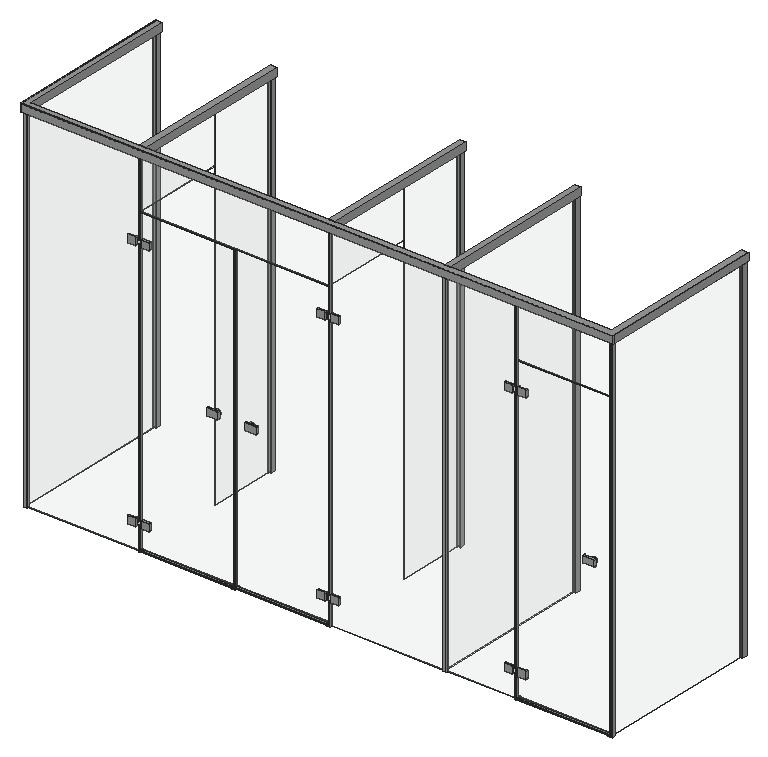
Revit family "Sanitary_Bath-screens_Modular system_Duscholux_SYSTEM210_S21-D2", category Aparatos sanitarios, Revit 2019
Family settings
  Cota de conector redondo = Diámetro de uso
  Tipo de pieza = Normal
  Número OmniClass = 23.45.00.00
  Título OmniClass = Sanitary, Laundry, and Cleaning Equipment
  Se basa en plano de trabajo = No
  Siempre vertical = Sí
  Corte con vacíos al cargar = No
  Compartido = No
  Punto de cálculo de habitación = No
Parameters (values of type "Black Aluminium Finish")
  Uper profile guide = Anodized Aluminium_Duscholux Material-Black Finish
  Superior Glass Height = if(Max Doors Height < 2100 mm, 1 mm, (Max Height - 2134 mm))  # 366 mm
  Single Door aperture = 650 mm
  Openning single door angle = 0.00°
  Min Max Single Door aperture = if(Single Door aperture < 400 mm, 400 mm, if(Single Door aperture > 1000 mm, 1000 mm, Single Door aperture))  # 650 mm
  Min Max Openning single door angle = if(Openning single door angle < -89.00°, -89.00°, if(Openning single door angle > 89.00°, 89.00°, Openning single door angle))  # 0.00°
  Min Max Length fixed segment 3 = if(Length fixed segment 3 < 180 mm, 180 mm, if(Length fixed segment 3 > 1400 mm, 1400 mm, Length fixed segment 3))  # 500 mm
  Min Max Length fixed segment 2 = if(Length fixed segment 2 < 180 mm, 180 mm, if(Length fixed segment 2 > 1400 mm, 1400 mm, Length fixed segment 2))  # 800 mm
  Min Max Length fixed segment = if(Length fixed segment 1 < 180 mm, 180 mm, if(Length fixed segment 1 > 1400 mm, 1400 mm, Length fixed segment 1))  # 800 mm
  Min Max Doors aperture = if(Doors aperture < 400 mm, 400 mm, if(Doors aperture > 1000 mm, 1000 mm, Doors aperture))  # 650 mm
  Min Max Length Central fixed segments = if(Length Central fixed segments < 180 mm, 180 mm, if(Length Central fixed segments > 1400 mm, 1400 mm, Length Central fixed segments))  # 500 mm
  Max Doors Height = if(Max Height > 2154 mm, 2100 mm, (Max Height - 34 mm))  # 2100 mm
  Length fixed segment 3 = 500 mm
  Length fixed segment 2 = 800 mm
  Length fixed segment 1 = 800 mm
  Length Twin Doors aperture = Min Max Doors aperture * 2  # 1300 mm
  Lenght = (Min Max Doors aperture * 2) + (Min Max Length fixed segment + Min Max Length fixed segment 2 + Min Max Length fixed segment 3 + Min Max Single Door aperture + 6.4 mm)  # 4056.4 mm
  Uniclass 2015 Description = "Shower Enclosures"
  Uniclass 2015 Code = "PR-40-20-06-79"
  URL = "http://www.duscholux.es/"
  UNSPSC Code = "30181507"
  Thickness Glass = 6 mm  # constant formula
  Thickness Fixed Segment = 8 mm  # constant formula
  Technical Inspection Certificate (Applus) = "http://www.duscholux.es/resources/custom/var/APPLUS_en.pdf"
  Series = "SYSTEM 210"
  Ref. = "S21_D2"
  Products = "http://www.duscholux.es/mamparas_filtro.aspx?es"
  Openning right angle = 0.00°
  Openning left angle = 0.00°
  Opening System Image = "https://duscholux.es/resources/custom/img/System21/S21_A.jpg"
  Opening System = "Pivot Door"
  NBS Reference Description = "Shower Enclosures"
  NBS Reference Code = "45-35-70"
  Model = ""
  Min Max Length = if(Lenght < 900 mm, 900 mm, if(Lenght > 2100 mm, 2100 mm, Lenght))  # 2100 mm
  Max Height = if(Height < 1900 mm, 1900 mm, if(Height > 2500 mm, 2500 mm, Height))  # 2500 mm
  Maintenance and Cleaning = "http://www.duscholux.es/mamparas_limpieza.aspx?en"
  Image = "https://duscholux.es/resources/custom/img/System21/System21%205%20NEGRO%20baja.jpg"
  IFC Classification = "Furnishing Element"
  Height = 2500 mm
  Handle Material = Anodized Aluminium_Duscholux Material-Black Finish
  Handle Height = Max Doors Height / 2  # 1050 mm
  Glass in Building UNE EN 12150 = "CE Conformity marking"
  Glass Material = Glass_Material-Duscholux
  Frame Material = Anodized Aluminium_Duscholux Material-Black Finish
  Length Central fixed segments = 500 mm
  Fact Sheet = "https://duscholux.es/mamparas_system210.aspx?es"
  Fabricante = "Duscholux Ibérica, S.A."
  Environmental Management ISO 14001 = "ECOEMBES Certificate"
  Doors aperture = 650 mm
  Descripción = "Modular system with fixed segments + pivot doors at 180º for different types of rooms"
  Código de montaje = "C1030200"
  Configuration enclosure = "http://configuratumampara.duscholux.es/eCatalogo.aspx"
  Components = "Eropean components"
  Type Comments = ""
  Combinations = "Customizable upper guide"
  Certified Quality UNE EN 14428 = "http://www.duscholux.es/duscholux_downloads.aspx?es"
  COBIe Type Category = ""
  Accesories Material = Anodized Aluminium_Duscholux Material-Black Finish
Reference planes
  plane 1 "Centro (Frontal/Posterior)": y = 0
  plane 2: z = 0
  plane 3 "Centro (Izquierda/Derecha)": x = 0
  plane 4 "Altura total": z = 2500
  plane 5 "Altura tiradores": z = 1050
  plane 6: x = 4
  plane 7: y = 0
  plane 8 "Espesor puertas": y = 6
  plane 9 "Longitud total": x = 4056.4
  plane 10: z = 1920
  plane 11 "Espesor fijos": y = 8
  plane 12: x = 800
  plane 13 "Inicio vidrio puertas": z = 8
  plane 14 "Altura bisagra inferior": z = 180
  plane 15: x = 2100
  plane 16 "Ancho total": y = 1150
  plane 17: x = 4052.4
  plane 18: x = 4060.4
  plane 19 "Inicio guía superior": z = 2446
  plane 20 "Altura vidrios": z = 2466
  plane 21 "Altura puertas": z = 2100
  plane 22 "Altura bisagra superior": z = 1920
  plane 23: y = 3
  plane 24 "Eje inicio puerta 1": x = 797
  plane 25 "Eje inicio puerta 2": x = 2103
  plane 26: y = 650
  plane 27: x = 8
  plane 28: y = 0
  plane 29 "Eje inicio armario": x = 2900
  plane 30 "Eje inicio puerta 5": x = 3400
Forms (mm)
  Extrusion 1, solid, material "Glass_Material-Duscholux" <- "Glass Material"
    sketch origin (0, 0, 0) x (1, 0, 0) y (0, 1, 0)
      loop
        line (13.847, 8) -> (13.847, 0) -> (794, 0) -> (794, 8) -> (13.847, 8)
    from 0 to 2466
  Extrusion 2, solid, material "Glass_Material-Duscholux" <- "Glass Material"
    sketch origin (800, 0, 0) x (1, 0, 0) y (0, 1, 0)
      loop
        line (0, 6) -> (0, 0) -> (644.7, 0) -> (644.7, 6) -> (0, 6)
    from 8 to 2100
  Extrusion 3, solid, material "Plástico, transparente"
    sketch origin (-322.583, -171.096, 0) x (1, 0, 0) y (0, 1, 0)
      loop
        line (1116.583, 179.096) -> (1116.583, 171.096) -> (1111.583, 171.096) -> (1111.583, 170.096) -> (1116.583, 170.096) -> (1121.183, 170.096)
        arc (1121.183, 170.096) -> (1122.583, 175.096) -> (1121.183, 180.096) r 9.629
        line (1121.183, 180.096) -> (1116.583, 180.096) -> (1111.583, 180.096) -> (1111.583, 179.096) -> (1116.583, 179.096)
      loop
        line (1117.583, 170.596) -> (1120.927, 170.596)
        arc (1120.927, 170.596) -> (1122.083, 175.096) -> (1120.927, 179.596) r 9.338
        line (1120.927, 179.596) -> (1117.583, 179.596) -> (1117.583, 170.596)
    from 1937.5 to 2446
  Extrusion 4, solid, material "Plástico, transparente"
    sketch origin (-322.583, -171.096, 0) x (1, 0, 0) y (0, 1, 0)
      loop
        line (1116.583, 179.096) -> (1116.583, 171.096) -> (1111.583, 171.096) -> (1111.583, 170.096) -> (1116.583, 170.096) -> (1121.183, 170.096)
        arc (1121.183, 170.096) -> (1122.583, 175.096) -> (1121.183, 180.096) r 9.629
        line (1121.183, 180.096) -> (1116.583, 180.096) -> (1111.583, 180.096) -> (1111.583, 179.096) -> (1116.583, 179.096)
      loop
        line (1117.583, 170.596) -> (1120.927, 170.596)
        arc (1120.927, 170.596) -> (1122.083, 175.096) -> (1120.927, 179.596) r 9.338
        line (1120.927, 179.596) -> (1117.583, 179.596) -> (1117.583, 170.596)
    from 197.5 to 1902.5
  Extrusion 5, solid, material "Plástico, transparente"
    sketch origin (-322.583, -171.096, 0) x (1, 0, 0) y (0, 1, 0)
      loop
        line (1116.583, 179.096) -> (1116.583, 171.096) -> (1111.583, 171.096) -> (1111.583, 170.096) -> (1116.583, 170.096) -> (1121.183, 170.096)
        arc (1121.183, 170.096) -> (1122.583, 175.096) -> (1121.183, 180.096) r 9.629
        line (1121.183, 180.096) -> (1116.583, 180.096) -> (1111.583, 180.096) -> (1111.583, 179.096) -> (1116.583, 179.096)
      loop
        line (1117.583, 170.596) -> (1120.927, 170.596)
        arc (1120.927, 170.596) -> (1122.083, 175.096) -> (1120.927, 179.596) r 9.338
        line (1120.927, 179.596) -> (1117.583, 179.596) -> (1117.583, 170.596)
    from 0 to 162.5
  Extrusion 6, solid, material "Glass_Material-Duscholux" <- "Glass Material"
    sketch origin (1450, 0, 0) x (1, 0, 0) y (0, 1, 0)
      loop
        line (5.3, 6) -> (5.3, 0) -> (650, 0) -> (650, 6) -> (5.3, 6)
    from 8 to 2100
  Extrusion 7, solid, material "Plástico, transparente"
    sketch origin (1622.583, -171.096, 0) x (-1, 0, 0) y (0, -1, 0)
      loop
        line (-483.417, -179.096) -> (-488.417, -179.096) -> (-488.417, -180.096) -> (-483.417, -180.096) -> (-478.817, -180.096)
        arc (-478.817, -180.096) -> (-477.417, -175.096) -> (-478.817, -170.096) r 9.629
        line (-478.817, -170.096) -> (-483.417, -170.096) -> (-488.417, -170.096) -> (-488.417, -171.096) -> (-483.417, -171.096) -> (-483.417, -179.096)
      loop
        line (-482.417, -170.596) -> (-482.417, -179.596) -> (-479.073, -179.596)
        arc (-479.073, -179.596) -> (-477.917, -175.096) -> (-479.073, -170.596) r 9.338
        line (-479.073, -170.596) -> (-482.417, -170.596)
    from 1937.5 to 2446
  Extrusion 8, solid, material "Glass_Material-Duscholux" <- "Glass Material"
    sketch origin (0, 0, 0) x (1, 0, 0) y (0, 1, 0)
      loop
        line (2106, 8) -> (2106, 0) -> (2890.153, 0) -> (2890.153, 8) -> (2106, 8)
    from 0 to 2466
  Extrusion 9, solid, material "Plástico, transparente"
    sketch origin (1622.583, -171.096, 0) x (-1, 0, 0) y (0, -1, 0)
      loop
        line (-483.417, -179.096) -> (-488.417, -179.096) -> (-488.417, -180.096) -> (-483.417, -180.096) -> (-478.817, -180.096)
        arc (-478.817, -180.096) -> (-477.417, -175.096) -> (-478.817, -170.096) r 9.629
        line (-478.817, -170.096) -> (-483.417, -170.096) -> (-488.417, -170.096) -> (-488.417, -171.096) -> (-483.417, -171.096) -> (-483.417, -179.096)
      loop
        line (-482.417, -170.596) -> (-482.417, -179.596) -> (-479.073, -179.596)
        arc (-479.073, -179.596) -> (-477.917, -175.096) -> (-479.073, -170.596) r 9.338
        line (-479.073, -170.596) -> (-482.417, -170.596)
    from 197.5 to 1902.5
  Extrusion 10, solid, material "Plástico, transparente"
    sketch origin (1622.583, -171.096, 0) x (-1, 0, 0) y (0, -1, 0)
      loop
        line (-483.417, -179.096) -> (-488.417, -179.096) -> (-488.417, -180.096) -> (-483.417, -180.096) -> (-478.817, -180.096)
        arc (-478.817, -180.096) -> (-477.417, -175.096) -> (-478.817, -170.096) r 9.629
        line (-478.817, -170.096) -> (-483.417, -170.096) -> (-488.417, -170.096) -> (-488.417, -171.096) -> (-483.417, -171.096) -> (-483.417, -179.096)
      loop
        line (-482.417, -170.596) -> (-482.417, -179.596) -> (-479.073, -179.596)
        arc (-479.073, -179.596) -> (-477.917, -175.096) -> (-479.073, -170.596) r 9.338
        line (-479.073, -170.596) -> (-482.417, -170.596)
    from 0 to 162.5
  Extrusion 11, solid, material "Glass_Material-Duscholux" <- "Glass Material"
    sketch origin (0, 0, 0) x (1, 0, 0) y (0, 1, 0)
      loop
        line (4052.4, 14.15) -> (4060.4, 14.15) -> (4060.4, 1143.362) -> (4052.4, 1143.362) -> (4052.4, 14.15)
    from 0 to 2466
  Extrusion 12, solid, material "Anodized Aluminium_Duscholux Material-Black Finish" <- "Frame Material"
    sketch origin (0, 99.299, 0) x (1, 0, 0) y (0, 1, 0)
      loop
        line (4046.4, 1049.201) -> (4066.4, 1049.201) -> (4066.4, 1029.851) -> (4060.7, 1029.851) -> (4060.7, 1019.201) -> (4067.9, 1019.201) -> (4067.9, 1050.701) -> (4044.9, 1050.701) -> (4044.9, 1019.201) -> (4052.1, 1019.201) -> (4052.1, 1029.851) -> (4046.4, 1029.851) -> (4046.4, 1049.201)
    from 0 to 2446
  Extrusion 13, solid, material "Anodized Aluminium_Duscholux Material-Black Finish" <- "Accesories Material"
    sketch origin (0, 0, 0) x (1, 0, 0) y (0, 0, 1)
      loop
        line (4078.249, 2446) -> (4078.249, 2447.8) -> (4075.749, 2447.8) -> (4075.749, 2498.2) -> (4078.249, 2498.2) -> (4078.249, 2500) -> (4036.419, 2500) -> (4036.419, 2446) -> (4050.519, 2446) -> (4050.519, 2488.9) -> (4062.281, 2488.9) -> (4062.281, 2446) -> (4078.249, 2446)
    from -1150 to -23.981
  Extrusion 14, solid, material "Anodized Aluminium_Duscholux Material-Black Finish" <- "Accesories Material"
    sketch origin (0, 0, 0) x (0, 1, 0) y (0, 0, 1)
      loop
        line (-17.849, 2500) -> (-17.849, 2498.2) -> (-15.349, 2498.2) -> (-15.349, 2447.8) -> (-17.849, 2447.8) -> (-17.849, 2446) -> (-1.881, 2446) -> (-1.881, 2488.9) -> (9.881, 2488.9) -> (9.881, 2446) -> (23.981, 2446) -> (23.981, 2500) -> (-17.849, 2500)
    from -14.415 to 4075.946
  Extrusion 15, solid, material "Anodized Aluminium_Duscholux Material-Black Finish" <- "Uper profile guide"
    sketch origin (0, 0, 0) x (1, 0, 0) y (0, 0, 1)
      loop
        line (4078.346, 2498) -> (4075.946, 2498) -> (4075.946, 2448) -> (4078.346, 2448) -> (4078.346, 2498)
    from -1150 to 15.349
  Extrusion 16, solid, material "Anodized Aluminium_Duscholux Material-Black Finish" <- "Uper profile guide"
    sketch origin (0, 0, 0) x (0, 1, 0) y (0, 0, 1)
      loop
        line (-15.546, 2498) -> (-17.946, 2498) -> (-17.946, 2448) -> (-15.546, 2448) -> (-15.546, 2498)
    from -16.915 to 4078.346
  Extrusion 17, solid, material "Anodized Aluminium_Duscholux Material-Black Finish" <- "Accesories Material"
    sketch origin (0, 0, 0) x (1, 0, 0) y (0, 0, 1)
      loop
        line (4078.249, 2500) -> (4075.946, 2500) -> (4075.946, 2498.2) -> (4078.249, 2498.2) -> (4078.249, 2500)
    from -23.981 to 17.849
  Extrusion 18, solid, material "Anodized Aluminium_Duscholux Material-Black Finish" <- "Accesories Material"
    sketch origin (0, 0, 0) x (1, 0, 0) y (0, 0, 1)
      loop
        line (4078.249, 2446) -> (4078.249, 2447.8) -> (4075.946, 2447.8) -> (4075.946, 2446) -> (4078.249, 2446)
    from -23.981 to 17.849
  Extrusion 19, solid, material "Glass_Material-Duscholux" <- "Glass Material"
    sketch origin (0, 0, 0) x (1, 0, 0) y (0, 1, 0)
      loop
        line (2100, 8) -> (800, 8) -> (800, 0) -> (2100, 0) -> (2100, 8)
    from 2100 to 2466
  Extrusion 20, solid, material "Anodized Aluminium_Duscholux Material-Black Finish" <- "Frame Material"
    sketch origin (773.934, 0, 0) x (1, 0, 0) y (0, 0, 1)
      loop
        line (1349.981, 2500) -> (1308.151, 2500) -> (1308.151, 2446) -> (1324.119, 2446) -> (1324.119, 2488.9) -> (1335.881, 2488.9) -> (1335.881, 2446) -> (1349.981, 2446) -> (1349.981, 2500)
    from -1150 to -23.981
  Extrusion 21, solid, material "Anodized Aluminium_Duscholux Material-Black Finish" <- "Frame Material"
    sketch origin (-772.066, 0, 0) x (1, 0, 0) y (0, 0, 1)
      loop
        line (1589.981, 2500) -> (1548.151, 2500) -> (1548.151, 2446) -> (1564.119, 2446) -> (1564.119, 2488.9) -> (1575.881, 2488.9) -> (1575.881, 2446) -> (1589.981, 2446) -> (1589.981, 2500)
    from -1150 to -23.981
  Extrusion 22, solid, material "Anodized Aluminium_Duscholux Material-Black Finish" <- "Frame Material"
    sketch origin (-77, 99.299, 0) x (1, 0, 0) y (0, 1, 0)
      loop
        line (2170, 1049.201) -> (2190, 1049.201) -> (2190, 1029.851) -> (2184.3, 1029.851) -> (2184.3, 1019.201) -> (2191.5, 1019.201) -> (2191.5, 1050.701) -> (2168.5, 1050.701) -> (2168.5, 1019.201) -> (2175.7, 1019.201) -> (2175.7, 1029.851) -> (2170, 1029.851) -> (2170, 1049.201)
    from 0 to 2446
  Extrusion 23, solid, material "Anodized Aluminium_Duscholux Material-Black Finish" <- "Frame Material"
    sketch origin (-1623, 99.299, 0) x (1, 0, 0) y (0, 1, 0)
      loop
        line (2410, 1049.201) -> (2430, 1049.201) -> (2430, 1029.851) -> (2424.3, 1029.851) -> (2424.3, 1019.201) -> (2431.5, 1019.201) -> (2431.5, 1050.701) -> (2408.5, 1050.701) -> (2408.5, 1019.201) -> (2415.7, 1019.201) -> (2415.7, 1029.851) -> (2410, 1029.851) -> (2410, 1049.201)
    from 0 to 2446
  Extrusion 24, solid, material "Anodized Aluminium_Duscholux Material-Black Finish" <- "Frame Material"
    sketch origin (1450, 0, 0) x (1, 0, 0) y (0, 1, 0)
      loop
        line (7.26, 6.095) -> (7.26, 7.095) -> (4.408, 7.807) -> (0.7, 7.547) -> (0, 6.593) -> (0, -0.593) -> (0.7, -1.547) -> (4.408, -1.807) -> (7.26, -1.095) -> (7.26, -0.095) -> (5.3, -0.095) -> (5.3, 3) -> (5.3, 6.095) -> (7.26, 6.095)
    from 0 to 2100
  Extrusion 25, solid, material "Anodized Aluminium_Duscholux Material-Black Finish" <- "Frame Material"
    sketch origin (800, 0, 0) x (1, 0, 0) y (0, 1, 0)
      loop
        line (649.3, 7.547) -> (645.592, 7.807) -> (642.74, 7.095) -> (642.74, 6.095) -> (644.7, 6.095) -> (644.7, 3) -> (644.7, -0.095) -> (642.74, -0.095) -> (642.74, -1.095) -> (645.592, -1.807) -> (649.3, -1.547) -> (650, -0.593) -> (650, 6.593) -> (649.3, 7.547)
    from 0 to 2100
  Extrusion 26, solid, material "Glass_Material-Duscholux" <- "Glass Material"
    sketch origin (0, 0, 0) x (1, 0, 0) y (0, 1, 0)
      loop
        line (793, 650) -> (793, 9.881) -> (801, 9.881) -> (801, 650) -> (793, 650)
    from 2100 to 2466
  Extrusion 27, solid, material "Glass_Material-Duscholux" <- "Glass Material"
    sketch origin (0, 0, 0) x (1, 0, 0) y (0, 1, 0)
      loop
        line (801, 650) -> (801, 1143.106) -> (793, 1143.106) -> (793, 650) -> (801, 650)
    from 0 to 2466
  Extrusion 28, solid, material "Glass_Material-Duscholux" <- "Glass Material"
    sketch origin (0, 0, 0) x (1, 0, 0) y (0, 1, 0)
      loop
        line (2107, 9.881) -> (2107, 650) -> (2099.03, 650) -> (2099.03, 9.881) -> (2107, 9.881)
    from 2100 to 2466
  Extrusion 29, solid, material "Glass_Material-Duscholux" <- "Glass Material"
    sketch origin (0, 0, 0) x (1, 0, 0) y (0, 1, 0)
      loop
        line (2107, 650) -> (2107, 1143.362) -> (2099.03, 1143.362) -> (2099.03, 650) -> (2107, 650)
    from 0 to 2466
  Extrusion 30, solid, material "Anodized Aluminium_Duscholux Material-Black Finish" <- "Frame Material"
    sketch origin (-2896, 99.299, 0) x (1, 0, 0) y (0, 1, 0)
      loop
        line (2890, 1049.201) -> (2910, 1049.201) -> (2910, 1029.851) -> (2904.3, 1029.851) -> (2904.3, 1019.201) -> (2911.5, 1019.201) -> (2911.5, 1050.701) -> (2888.5, 1050.701) -> (2888.5, 1019.201) -> (2895.7, 1019.201) -> (2895.7, 1029.851) -> (2890, 1029.851) -> (2890, 1049.201)
    from 0 to 2446
  Extrusion 31, solid, material "Anodized Aluminium_Duscholux Material-Black Finish" <- "Frame Material"
    sketch origin (2907.847, 0, 0) x (-1, 0, 0) y (0, -1, 0)
      loop
        line (2899.647, -14.15) -> (2908.047, -14.15) -> (2908.047, -17.65) -> (2910.197, -17.65) -> (2910.197, 2.35) -> (2890.5, 2.35) -> (2890.5, 0.2) -> (2894, 0.2) -> (2894, -8.2) -> (2890.5, -8.2) -> (2890.5, -10.35) -> (2897.497, -10.35) -> (2897.497, -17.65) -> (2899.647, -17.65) -> (2899.647, -14.15)
    from 0 to 2446
  Extrusion 32, solid, material "Glass_Material-Duscholux" <- "Glass Material"
    sketch origin (0, 0, 0) x (1, 0, 0) y (0, 1, 0)
      loop
        line (8, 14.15) -> (8, 1143.106) -> (0, 1143.106) -> (0, 14.15) -> (8, 14.15)
    from 0 to 2466
  Extrusion 33, solid, material "Anodized Aluminium_Duscholux Material-Black Finish" <- "Accesories Material"
    sketch origin (2804.934, 0, 0) x (-1, 0, 0) y (0, 0, -1)
      loop
        line (2821.849, -2446) -> (2805.881, -2446) -> (2805.881, -2488.9) -> (2794.119, -2488.9) -> (2794.119, -2446) -> (2780.019, -2446) -> (2780.019, -2500) -> (2821.849, -2500) -> (2821.849, -2498.2) -> (2819.349, -2498.2) -> (2819.349, -2447.8) -> (2821.849, -2447.8) -> (2821.849, -2446)
    from -1150 to -23.981
  Extrusion 34, solid, material "Anodized Aluminium_Duscholux Material-Black Finish" <- "Accesories Material"
    sketch origin (0, 0, 0) x (1, 0, 0) y (0, 0, 1)
      loop
        line (-16.915, 2500) -> (-16.915, 2498.2) -> (-14.415, 2498.2) -> (-14.415, 2500) -> (-16.915, 2500)
    from -23.981 to 17.849
  Extrusion 35, solid, material "Anodized Aluminium_Duscholux Material-Black Finish" <- "Accesories Material"
    sketch origin (0, 0, 0) x (1, 0, 0) y (0, 0, 1)
      loop
        line (-16.915, 2447.8) -> (-16.915, 2446) -> (-14.415, 2446) -> (-14.415, 2447.8) -> (-16.915, 2447.8)
    from -23.981 to 17.849
  Extrusion 36, solid, material "Anodized Aluminium_Duscholux Material-Black Finish" <- "Uper profile guide"
    sketch origin (0, 0, 0) x (1, 0, 0) y (0, 0, 1)
      loop
        line (-14.415, 2498) -> (-16.915, 2498) -> (-16.915, 2448) -> (-14.415, 2448) -> (-14.415, 2498)
    from -1150 to 15.546
  Extrusion 37, solid, material "Anodized Aluminium_Duscholux Material-Black Finish" <- "Frame Material"
    sketch origin (0, 0, 0) x (1, 0, 0) y (0, 1, 0)
      loop
        line (2904.2, 17.65) -> (2904.2, 14.15) -> (2895.8, 14.15) -> (2895.8, 17.65) -> (2893.65, 17.65) -> (2893.65, 10.35) -> (2886.653, 10.35) -> (2886.653, 8.2) -> (2890.153, 8.2) -> (2890.153, -0.2) -> (2886.653, -0.2) -> (2886.653, -2.35) -> (2913.347, -2.35) -> (2913.347, -0.2) -> (2909.847, -0.2) -> (2909.847, 8.2) -> (2913.347, 8.2) -> (2913.347, 10.35) -> (2906.35, 10.35) -> (2906.35, 17.65) -> (2904.2, 17.65)
    from 0 to 2446
  Extrusion 38, solid, material "Glass_Material-Duscholux" <- "Glass Material"
    sketch origin (0, 0, 0) x (1, 0, 0) y (0, 1, 0)
      loop
        line (2909.847, 8) -> (2909.847, 0) -> (3394, 0) -> (3394, 8) -> (2909.847, 8)
    from 0 to 2466
  Extrusion 39, solid, material "Plástico, transparente"
    sketch origin (0, 0, 0) x (1, 0, 0) y (0, 1, 0)
      loop
        line (3389, 9) -> (3389, 8) -> (3394, 8) -> (3394, 0) -> (3389, 0) -> (3389, -1) -> (3394, -1) -> (3398.6, -1)
        arc (3398.6, -1) -> (3400, 4) -> (3398.6, 9) r 9.629
        line (3398.6, 9) -> (3394, 9) -> (3389, 9)
      loop
        line (3395, 8.5) -> (3395, -0.5) -> (3398.344, -0.5)
        arc (3398.344, -0.5) -> (3399.5, 4) -> (3398.344, 8.5) r 9.338
        line (3398.344, 8.5) -> (3395, 8.5)
    from 0 to 162.5
  Extrusion 40, solid, material "Plástico, transparente"
    sketch origin (0, 0, 0) x (1, 0, 0) y (0, 1, 0)
      loop
        line (3394, 9) -> (3389, 9) -> (3389, 8) -> (3394, 8) -> (3394, 0) -> (3389, 0) -> (3389, -1) -> (3394, -1) -> (3398.6, -1)
        arc (3398.6, -1) -> (3400, 4) -> (3398.6, 9) r 9.629
        line (3398.6, 9) -> (3394, 9)
      loop
        line (3398.344, 8.5) -> (3395, 8.5) -> (3395, -0.5) -> (3398.344, -0.5)
        arc (3398.344, -0.5) -> (3399.5, 4) -> (3398.344, 8.5) r 9.338
    from 197.5 to 1902.5
  Extrusion 41, solid, material "Plástico, transparente"
    sketch origin (0, 0, 0) x (1, 0, 0) y (0, 1, 0)
      loop
        line (3394, 9) -> (3389, 9) -> (3389, 8) -> (3394, 8) -> (3394, 0) -> (3389, 0) -> (3389, -1) -> (3394, -1) -> (3398.6, -1)
        arc (3398.6, -1) -> (3400, 4) -> (3398.6, 9) r 9.629
        line (3398.6, 9) -> (3394, 9)
      loop
        line (3398.344, 8.5) -> (3395, 8.5) -> (3395, -0.5) -> (3398.344, -0.5)
        arc (3398.344, -0.5) -> (3399.5, 4) -> (3398.344, 8.5) r 9.338
    from 1937.5 to 2446
  Extrusion 42, solid, material "Glass_Material-Duscholux" <- "Glass Material"
    sketch origin (3400, 0, 0) x (1, 0, 0) y (0, 1, 0)
      loop
        line (0, 6) -> (0, 0) -> (644.7, 0) -> (644.7, 6) -> (0, 6)
    from 8 to 2100
  Extrusion 43, solid, material "Anodized Aluminium_Duscholux Material-Black Finish" <- "Frame Material"
    sketch origin (3400, 0, 0) x (1, 0, 0) y (0, 1, 0)
      loop
        line (642.74, 7.095) -> (642.74, 6.095) -> (644.7, 6.095) -> (644.7, 3) -> (644.7, -0.095) -> (642.74, -0.095) -> (642.74, -1.095) -> (645.592, -1.807) -> (649.3, -1.547) -> (650, -0.593) -> (650, 6.593) -> (649.3, 7.547) -> (645.592, 7.807) -> (642.74, 7.095)
    from 0 to 2100
  Extrusion 44, solid, material "Anodized Aluminium_Duscholux Material-Black Finish" <- "Frame Material"
    sketch origin (0, 0, 0) x (1, 0, 0) y (0, 1, 0)
      loop
        line (4062.75, 17.65) -> (4060.6, 17.65) -> (4060.6, 14.15) -> (4052.2, 14.15) -> (4052.2, 17.65) -> (4050.05, 17.65) -> (4050.05, -2.35) -> (4062.75, -2.35) -> (4062.75, 17.65)
    from 0 to 2446
  Extrusion 45, solid, material "Anodized Aluminium_Duscholux Material-Black Finish" <- "Frame Material"
    sketch origin (0, 0, 0) x (1, 0, 0) y (0, 1, 0)
      loop
        line (4050.05, -2.35) -> (4050.05, 10.35) -> (4042.75, 10.35) -> (4042.75, 8.161) -> (4046.553, 8.161) -> (4046.553, -0.2) -> (4042.75, -0.2) -> (4042.75, -2.35) -> (4050.05, -2.35)
    from 2466 to 2100
  Extrusion 46, solid, material "Glass_Material-Duscholux" <- "Glass Material"
    sketch origin (0, 0, 0) x (1, 0, 0) y (0, 1, 0)
      loop
        line (3400, 8) -> (3400, 0) -> (4046.553, 0) -> (4046.553, 8) -> (3400, 8)
    from 2100 to 2466
  Extrusion 47, solid, material "Anodized Aluminium_Duscholux Material-Black Finish" <- "Frame Material"
    sketch origin (1570.934, 0, 0) x (1, 0, 0) y (0, 0, 1)
      loop
        line (1349.981, 2500) -> (1308.151, 2500) -> (1308.151, 2446) -> (1324.119, 2446) -> (1324.119, 2488.9) -> (1335.881, 2488.9) -> (1335.881, 2446) -> (1349.981, 2446) -> (1349.981, 2500)
    from -1150 to -23.981
  Extrusion 48, solid, material "Anodized Aluminium_Duscholux Material-Black Finish" <- "Frame Material"
    sketch origin (720, 99.299, 0) x (1, 0, 0) y (0, 1, 0)
      loop
        line (2170, 1049.201) -> (2190, 1049.201) -> (2190, 1029.851) -> (2184.3, 1029.851) -> (2184.3, 1019.201) -> (2191.5, 1019.201) -> (2191.5, 1050.701) -> (2168.5, 1050.701) -> (2168.5, 1019.201) -> (2175.7, 1019.201) -> (2175.7, 1029.851) -> (2170, 1029.851) -> (2170, 1049.201)
    from 0 to 2446
  Extrusion 49, solid, material "Glass_Material-Duscholux" <- "Glass Material"
    sketch origin (797, 0, 0) x (1, 0, 0) y (0, 1, 0)
      loop
        line (2107, 14.15) -> (2107, 1143.362) -> (2099.03, 1143.362) -> (2099.03, 14.15) -> (2107, 14.15)
    from 0 to 2466
Cuts and joins
  joined: Extrusion 13, Extrusion 14, Extrusion 17, Extrusion 18, Extrusion 33, Extrusion 34, Extrusion 35
Lines and regions (mm)
  reference lines
    curve 1: line (800, 0, 0) -> (1450, 0, 0)
    curve 2: line (1450, 0, 0) -> (2100, 0, 0)
    curve 9: line (1568.693, 26.492, 0) -> (1568.693, -158.508, 0)
    curve 10: line (3400, 0, 0) -> (4050, 0, 0)
  symbolic lines
    curve 3: line (800, -650, 0) -> (800, 0, 0)
    curve 4: line (800, 650, 0) -> (800, 0, 0)
    curve 5: arc (800, 650, 0) -> (1450, 0, 0) -> (800, -650, 0) r 650
    curve 6: line (2100, 650, 0) -> (2100, 0, 0)
    curve 7: line (2100, -650, 0) -> (2100, 0, 0)
    curve 8: arc (2100, -650, 0) -> (1450, 0, 0) -> (2100, 650, 0) r 650
    curve 11: arc (3400, 650, 0) -> (4050, 0, 0) -> (3400, -650, 0) r 650
    curve 12: line (3400, -650, 0) -> (3400, 0, 0)
    curve 13: line (3400, 650, 0) -> (3400, 0, 0)
Dimensions and locks
  locked: plane 3 "Centro (Izquierda/Derecha)" to plane 6 at 4
  "Handle Height": plane 5 "Altura tiradores" to level
  locked: nested 3 to Extrusion 4 at 17.5
  locked: Extrusion 3 to plane 10 at 17.5
  "Min Max Length fixed segment": plane 3 "Centro (Izquierda/Derecha)" to plane 12
  locked: nested 3 to plane 12 at 6
  locked: plane 12 to nested 3 at 6
  "Min Max Doors aperture": curve 1 to curve 1
  locked: plane 13 "Inicio vidrio puertas" to level at 8
  locked: plane 14 "Altura bisagra inferior" to level at 180
  "Max Height": plane 4 "Altura total" to level
  "Min Max Doors aperture": curve 2 to curve 2
  "Min Max Doors aperture": curve 3 to curve 3
  "Min Max Doors aperture": curve 4 to curve 4
  "Min Max Doors aperture": curve 6 to curve 6
  "Min Max Doors aperture": curve 7 to curve 7
  "Thickness Fixed Segment": Extrusion 1 to Extrusion 1
  "Thickness Fixed Segment": Extrusion 8 to Extrusion 8
  plane 17 to plane 9 "Longitud total" to plane 18 = 4 mm locked, 4 mm locked
  locked: plane 16 "Ancho total" to Extrusion 11 at 6.638
  locked: Extrusion 13 to plane 9 "Longitud total" at 19.981
  locked: plane 9 "Longitud total" to Extrusion 15 at 19.546
  locked: Extrusion 15 to cut or joined group of Extrusion 13, Extrusion 14, Extrusion 17, Extrusion 18, Extrusion 33, Extrusion 34, Extrusion 35 at 2.4
  locked: plane 4 "Altura total" to plane 19 "Inicio guía superior" at 54
  locked: plane 20 "Altura vidrios" to plane 19 "Inicio guía superior" at 20
  "Max Doors Height": plane 21 "Altura puertas" to level
  locked: plane 21 "Altura puertas" to plane 22 "Altura bisagra superior" at 180
  "Superior Glass Height": Extrusion 19 to plane 21 "Altura puertas"
  locked: plane 24 "Eje inicio puerta 1" to plane 12 at 3
  locked: plane 15 to plane 25 "Eje inicio puerta 2" at 3
  "Min Max Doors aperture": plane 26 to plane 7
  "Superior Glass Height": Extrusion 26 to plane 21 "Altura puertas"
  locked: plane 16 "Ancho total" to Extrusion 27 at 6.894
  "Superior Glass Height": Extrusion 28 to plane 21 "Altura puertas"
  "Min Max Length Central fixed segments": plane 16 "Ancho total" to plane 26
  "Lenght": plane 3 "Centro (Izquierda/Derecha)" to plane 9 "Longitud total"
  locked: Extrusion 33 to plane 6 at 18.415
  locked: Extrusion 39 to plane 30 "Eje inicio puerta 5" at 6
  "Min Max Single Door aperture": curve 10 to curve 10
  Extrusion 45 to plane 9 "Longitud total" = 6.35 mm
  "Superior Glass Height": Extrusion 45 to Extrusion 45
  "Superior Glass Height": Extrusion 46 to Extrusion 46
  "Min Max Length fixed segment 2": plane 15 to plane 29 "Eje inicio armario"
  "Min Max Length fixed segment 3": plane 29 "Eje inicio armario" to plane 30 "Eje inicio puerta 5"
  "Length Twin Doors aperture": plane 12 to plane 15
  "Min Max Single Door aperture": curve 12 to curve 12
  "Min Max Single Door aperture": curve 13 to curve 13
  angle curve 1 to plane 7 = 0.00°
  "Openning right angle": angle plane 7 to curve 2
  locked: curve 2 to curve 9 (angle 90.00°)
  "Openning left angle": angle curve 1 to plane 28
  "Min Max Openning single door angle": angle curve 10 to plane 28
  aligned and locked: level to plane 2
  aligned and locked: plane 12 to curve 1
  aligned and locked: plane 7 to curve 1
  aligned and locked: nested 3 to plane 10
  aligned and locked: nested 4 to Extrusion 2
  aligned and locked: nested 2 to Extrusion 2
  aligned and locked: nested 5 to plane 10
  aligned and locked: nested 5 to Extrusion 2
  aligned and locked: Extrusion 2 to plane 13 "Inicio vidrio puertas"
  aligned and locked: Extrusion 5 to level
  aligned and locked: curve 2 to plane 7
  aligned and locked: plane 15 to curve 2
  aligned and locked: Extrusion 2 to Extrusion 6
  aligned and locked: Extrusion 3 to Extrusion 7
  aligned and locked: Extrusion 9 to Extrusion 4
  aligned and locked: Extrusion 4 to Extrusion 9
  aligned and locked: Extrusion 10 to Extrusion 8
  aligned and locked: Extrusion 10 to Extrusion 5
  aligned and locked: Extrusion 8 to nested 9
  aligned and locked: Extrusion 8 to nested 8
  aligned and locked: plane 5 "Altura tiradores" to nested 12
  aligned and locked: nested 11 to plane 5 "Altura tiradores"
  aligned and locked: Extrusion 11 sketch curve to plane 17
  aligned and locked: plane 18 to Extrusion 11 sketch curve
  aligned and locked: plane 16 "Ancho total" to Extrusion 12
  aligned and locked: plane 16 "Ancho total" to Extrusion 13
  aligned and locked: plane 19 "Inicio guía superior" to Extrusion 12
  aligned and locked: plane 19 "Inicio guía superior" to Extrusion 7
  aligned and locked: plane 16 "Ancho total" to Extrusion 15
  aligned and locked: Extrusion 14 to Extrusion 15
  aligned and locked: Extrusion 17 sketch curve to cut or joined group of Extrusion 13, Extrusion 14, Extrusion 17, Extrusion 18, Extrusion 33, Extrusion 34, Extrusion 35  (x3)
  aligned and locked: cut or joined group of Extrusion 13, Extrusion 14, Extrusion 17, Extrusion 18, Extrusion 33, Extrusion 34, Extrusion 35 to Extrusion 17 sketch curve
  aligned and locked: Extrusion 17 to cut or joined group of Extrusion 13, Extrusion 14, Extrusion 17, Extrusion 18, Extrusion 33, Extrusion 34, Extrusion 35
  aligned and locked: Extrusion 18 sketch curve to cut or joined group of Extrusion 13, Extrusion 14, Extrusion 17, Extrusion 18, Extrusion 33, Extrusion 34, Extrusion 35  (x3)
  aligned and locked: cut or joined group of Extrusion 13, Extrusion 14, Extrusion 17, Extrusion 18, Extrusion 33, Extrusion 34, Extrusion 35 to Extrusion 18 sketch curve
  aligned and locked: Extrusion 18 to cut or joined group of Extrusion 13, Extrusion 14, Extrusion 17, Extrusion 18, Extrusion 33, Extrusion 34, Extrusion 35  (x2)
  aligned and locked: Extrusion 16 to Extrusion 15
  aligned and locked: Extrusion 3 to cut or joined group of Extrusion 13, Extrusion 14, Extrusion 17, Extrusion 18, Extrusion 33, Extrusion 34, Extrusion 35
  aligned and locked: cut or joined group of Extrusion 13, Extrusion 14, Extrusion 17, Extrusion 18, Extrusion 33, Extrusion 34, Extrusion 35 to plane 19 "Inicio guía superior"
  aligned and locked: plane 20 "Altura vidrios" to Extrusion 11
  aligned and locked: plane 20 "Altura vidrios" to Extrusion 8
  aligned and locked: plane 20 "Altura vidrios" to Extrusion 1
  aligned and locked: plane 21 "Altura puertas" to Extrusion 6
  aligned and locked: plane 21 "Altura puertas" to Extrusion 2
  aligned and locked: plane 22 "Altura bisagra superior" to plane 10
  aligned and locked: nested 10 to Extrusion 6
  aligned and locked: Extrusion 19 to Extrusion 6
  aligned and locked: plane 15 to Extrusion 19
  aligned and locked: plane 16 "Ancho total" to Extrusion 20
  aligned and locked: plane 16 "Ancho total" to Extrusion 21
  aligned and locked: plane 19 "Inicio guía superior" to Extrusion 22
  aligned and locked: plane 19 "Inicio guía superior" to Extrusion 23
  aligned and locked: Extrusion 24 to nested 10
  aligned and locked: plane 21 "Altura puertas" to Extrusion 24
  aligned and locked: Extrusion 25 to Extrusion 2
  aligned and locked: plane 21 "Altura puertas" to Extrusion 25
  aligned and locked: nested 4 to Extrusion 25
  aligned and locked: Extrusion 26 to Extrusion 2
  aligned and locked: cut or joined group of Extrusion 13, Extrusion 14, Extrusion 17, Extrusion 18, Extrusion 33, Extrusion 34, Extrusion 35 to Extrusion 26
  aligned and locked: Extrusion 27 sketch curve to Extrusion 26
  aligned and locked: Extrusion 27 to plane 26
  aligned and locked: plane 20 "Altura vidrios" to Extrusion 27
  aligned and locked: plane 26 to Extrusion 28
  aligned and locked: cut or joined group of Extrusion 13, Extrusion 14, Extrusion 17, Extrusion 18, Extrusion 33, Extrusion 34, Extrusion 35 to Extrusion 28
  aligned and locked: Extrusion 28 to plane 21 "Altura puertas"
  aligned and locked: Extrusion 29 sketch curve to Extrusion 28
  aligned and locked: Extrusion 11 to Extrusion 29
  aligned and locked: plane 20 "Altura vidrios" to Extrusion 29
  aligned and locked: Extrusion 19 to plane 12
  aligned and locked: Extrusion 1 to Extrusion 31
  aligned and locked: Extrusion 32 sketch curve to plane 27
  aligned and locked: plane 3 "Centro (Izquierda/Derecha)" to Extrusion 32 sketch curve
  aligned and locked: Extrusion 27 to Extrusion 32
  aligned and locked: plane 20 "Altura vidrios" to Extrusion 32
  aligned and locked: plane 16 "Ancho total" to Extrusion 30
  aligned and locked: plane 19 "Inicio guía superior" to Extrusion 31
  aligned and locked: plane 16 "Ancho total" to Extrusion 33
  aligned and locked: Extrusion 33 to Extrusion 14
  aligned and locked: Extrusion 34 sketch curve to Extrusion 33  (x2)
  aligned and locked: Extrusion 34 sketch curve to cut or joined group of Extrusion 13, Extrusion 14, Extrusion 17, Extrusion 18, Extrusion 33, Extrusion 34, Extrusion 35  (x2)
  aligned and locked: Extrusion 34 to cut or joined group of Extrusion 13, Extrusion 14, Extrusion 17, Extrusion 18, Extrusion 33, Extrusion 34, Extrusion 35  (x2)
  aligned and locked: Extrusion 35 sketch curve to Extrusion 33  (x2)
  aligned and locked: Extrusion 35 sketch curve to cut or joined group of Extrusion 13, Extrusion 14, Extrusion 17, Extrusion 18, Extrusion 33, Extrusion 34, Extrusion 35
  aligned and locked: cut or joined group of Extrusion 13, Extrusion 14, Extrusion 17, Extrusion 18, Extrusion 33, Extrusion 34, Extrusion 35 to Extrusion 35 sketch curve
  aligned and locked: cut or joined group of Extrusion 13, Extrusion 14, Extrusion 17, Extrusion 18, Extrusion 33, Extrusion 34, Extrusion 35 to Extrusion 35
  aligned and locked: Extrusion 35 to cut or joined group of Extrusion 13, Extrusion 14, Extrusion 17, Extrusion 18, Extrusion 33, Extrusion 34, Extrusion 35
  aligned and locked: cut or joined group of Extrusion 13, Extrusion 14, Extrusion 17, Extrusion 18, Extrusion 33, Extrusion 34, Extrusion 35 to Extrusion 16
  aligned and locked: plane 19 "Inicio guía superior" to Extrusion 30
  aligned and locked: Extrusion 36 sketch curve to cut or joined group of Extrusion 13, Extrusion 14, Extrusion 17, Extrusion 18, Extrusion 33, Extrusion 34, Extrusion 35
  aligned and locked: Extrusion 36 sketch curve to Extrusion 16
  aligned and locked: Extrusion 16 to Extrusion 36 sketch curve
  aligned and locked: Extrusion 36 to Extrusion 16  (x2)
  aligned and locked: plane 16 "Ancho total" to Extrusion 36
  aligned and locked: nested 12 to curve 9
  aligned and locked: plane 28 to plane 1 "Centro (Frontal/Posterior)"
  aligned and locked: Extrusion 8 to Extrusion 37
  aligned and locked: Extrusion 8 to Extrusion 38 sketch curve
  aligned and locked: plane 28 to Extrusion 38 sketch curve
  aligned and locked: Extrusion 38 to Extrusion 37
  aligned and locked: Extrusion 38 to Extrusion 39
  aligned and locked: nested 13 to Extrusion 39
  aligned and locked: nested 13 to plane 14 "Altura bisagra inferior"
  aligned and locked: plane 20 "Altura vidrios" to Extrusion 38
  aligned and locked: Extrusion 37 to cut or joined group of Extrusion 13, Extrusion 14, Extrusion 17, Extrusion 18, Extrusion 33, Extrusion 34, Extrusion 35
  aligned and locked: Extrusion 39 to nested 13
  aligned and locked: Extrusion 40 to nested 13
  aligned and locked: nested 14 to plane 22 "Altura bisagra superior"
  aligned and locked: Extrusion 41 to cut or joined group of Extrusion 13, Extrusion 14, Extrusion 17, Extrusion 18, Extrusion 33, Extrusion 34, Extrusion 35
  aligned and locked: plane 22 "Altura bisagra superior" to nested 9
  aligned and locked: plane 22 "Altura bisagra superior" to nested 7
  aligned and locked: Extrusion 7 to Extrusion 41
  aligned and locked: Extrusion 40 to Extrusion 9
  aligned and locked: Extrusion 42 to nested 16
  aligned and locked: Extrusion 42 to nested 15
  aligned and locked: Extrusion 42 to nested 17
  aligned and locked: Extrusion 43 to Extrusion 42
  aligned and locked: Extrusion 43 to nested 16
  aligned and locked: plane 21 "Altura puertas" to Extrusion 43
  aligned and locked: Extrusion 44 to cut or joined group of Extrusion 13, Extrusion 14, Extrusion 17, Extrusion 18, Extrusion 33, Extrusion 34, Extrusion 35
  aligned and locked: nested 17 to plane 22 "Altura bisagra superior"
  aligned and locked: plane 21 "Altura puertas" to Extrusion 42
  aligned and locked: Extrusion 45 to plane 21 "Altura puertas"
  aligned and locked: Extrusion 38 to Extrusion 46 sketch curve
  aligned and locked: plane 28 to Extrusion 46 sketch curve
  aligned and locked: Extrusion 46 to plane 30 "Eje inicio puerta 5"
  aligned and locked: Extrusion 46 to plane 21 "Altura puertas"
  aligned and locked: Extrusion 49 to Extrusion 37
  aligned and locked: plane 16 "Ancho total" to Extrusion 47
  aligned and locked: Extrusion 48 to cut or joined group of Extrusion 13, Extrusion 14, Extrusion 17, Extrusion 18, Extrusion 33, Extrusion 34, Extrusion 35
  aligned and locked: plane 20 "Altura vidrios" to Extrusion 49
  aligned and locked: plane 1 "Centro (Frontal/Posterior)" to curve 10
Automatic sketch dimensions
  curve 2 to curve 9 = 118.693 mm
  curve 9 to curve 2 = 158.508 mm
  plane 1 "Centro (Frontal/Posterior)" to curve 3 = 0 mm
  curve 3 to plane 12 = 0 mm
  curve 6 to plane 15 = 0 mm
  curve 11 to plane 26 = 0 mm
  curve 11 to plane 30 "Eje inicio puerta 5" = 0 mm
  plane 1 "Centro (Frontal/Posterior)" to curve 6 = 0 mm
  plane 1 "Centro (Frontal/Posterior)" to Extrusion 1 sketch curve = 0 mm
  Extrusion 1 sketch curve to plane 11 "Espesor fijos" = 0 mm
  plane 27 to Extrusion 1 sketch curve = 5.847 mm
  Extrusion 1 sketch curve to plane 24 "Eje inicio puerta 1" = 3 mm
  Extrusion 2 sketch curve to curve 1 = 0 mm  (x2)
  curve 1 to Extrusion 2 sketch curve = 6 mm
  Extrusion 2 sketch curve to curve 1 = 5.3 mm
  Extrusion 3 sketch curve to plane 11 "Espesor fijos" = 0 mm
  plane 1 "Centro (Frontal/Posterior)" to Extrusion 3 sketch curve = 0 mm
  Extrusion 3 sketch curve to plane 24 "Eje inicio puerta 1" = 8 mm  (x2)
  Extrusion 3 sketch curve to plane 23 = 1 mm
  Extrusion 3 sketch curve to Extrusion 3 sketch curve = 1.162 mm
  Extrusion 3 sketch curve to Extrusion 3 sketch curve = 0.209 mm
  Extrusion 3 sketch curve to plane 24 "Eje inicio puerta 1" = 3 mm
  Extrusion 3 sketch curve to Extrusion 3 sketch curve = 0 mm  (x3)
  plane 1 "Centro (Frontal/Posterior)" to Extrusion 3 sketch curve = 0.5 mm
  Extrusion 3 sketch curve to Extrusion 3 sketch curve = 1 mm  (x2)
  plane 11 "Espesor fijos" to Extrusion 3 sketch curve = 0.5 mm
  plane 24 "Eje inicio puerta 1" to Extrusion 3 sketch curve = 1.344 mm
  Extrusion 3 sketch curve to Extrusion 3 sketch curve = 0.256 mm  (x2)
  Extrusion 4 sketch curve to plane 11 "Espesor fijos" = 0 mm
  plane 1 "Centro (Frontal/Posterior)" to Extrusion 4 sketch curve = 0 mm
  Extrusion 4 sketch curve to plane 24 "Eje inicio puerta 1" = 8 mm  (x2)
  Extrusion 4 sketch curve to plane 23 = 1 mm
  Extrusion 4 sketch curve to Extrusion 4 sketch curve = 1.162 mm
  Extrusion 4 sketch curve to Extrusion 4 sketch curve = 0.209 mm
  Extrusion 4 sketch curve to plane 24 "Eje inicio puerta 1" = 3 mm
  Extrusion 4 sketch curve to Extrusion 4 sketch curve = 0 mm  (x3)
  plane 1 "Centro (Frontal/Posterior)" to Extrusion 4 sketch curve = 0.5 mm
  Extrusion 4 sketch curve to Extrusion 4 sketch curve = 1 mm  (x2)
  plane 11 "Espesor fijos" to Extrusion 4 sketch curve = 0.5 mm
  plane 24 "Eje inicio puerta 1" to Extrusion 4 sketch curve = 1.344 mm
  Extrusion 4 sketch curve to Extrusion 4 sketch curve = 0.256 mm  (x2)
  Extrusion 5 sketch curve to plane 11 "Espesor fijos" = 0 mm
  plane 1 "Centro (Frontal/Posterior)" to Extrusion 5 sketch curve = 0 mm
  Extrusion 5 sketch curve to plane 24 "Eje inicio puerta 1" = 8 mm  (x2)
  Extrusion 5 sketch curve to plane 23 = 1 mm
  Extrusion 5 sketch curve to Extrusion 5 sketch curve = 1.162 mm
  Extrusion 5 sketch curve to Extrusion 5 sketch curve = 0.209 mm
  Extrusion 5 sketch curve to plane 24 "Eje inicio puerta 1" = 3 mm
  Extrusion 5 sketch curve to Extrusion 5 sketch curve = 0 mm  (x3)
  plane 1 "Centro (Frontal/Posterior)" to Extrusion 5 sketch curve = 0.5 mm
  Extrusion 5 sketch curve to Extrusion 5 sketch curve = 1 mm  (x2)
  plane 11 "Espesor fijos" to Extrusion 5 sketch curve = 0.5 mm
  plane 24 "Eje inicio puerta 1" to Extrusion 5 sketch curve = 1.344 mm
  Extrusion 5 sketch curve to Extrusion 5 sketch curve = 0.256 mm  (x2)
  curve 2 to Extrusion 6 sketch curve = 0 mm
  Extrusion 6 sketch curve to curve 2 = 0 mm
  curve 2 to Extrusion 6 sketch curve = 6 mm
  curve 2 to Extrusion 6 sketch curve = 5.3 mm
  plane 11 "Espesor fijos" to Extrusion 7 sketch curve = 0 mm
  plane 1 "Centro (Frontal/Posterior)" to Extrusion 7 sketch curve = 0 mm
  Extrusion 7 sketch curve to plane 25 "Eje inicio puerta 2" = 8 mm
  Extrusion 7 sketch curve to Extrusion 7 sketch curve = 0 mm  (x4)
  plane 23 to Extrusion 7 sketch curve = 1 mm
  Extrusion 7 sketch curve to Extrusion 7 sketch curve = 1.162 mm
  Extrusion 7 sketch curve to Extrusion 7 sketch curve = 0.209 mm
  Extrusion 7 sketch curve to plane 25 "Eje inicio puerta 2" = 3 mm
  Extrusion 7 sketch curve to plane 1 "Centro (Frontal/Posterior)" = 0.5 mm
  Extrusion 7 sketch curve to Extrusion 7 sketch curve = 1 mm
  Extrusion 7 sketch curve to plane 11 "Espesor fijos" = 0.5 mm
  plane 25 "Eje inicio puerta 2" to Extrusion 7 sketch curve = 1.344 mm
  Extrusion 7 sketch curve to Extrusion 7 sketch curve = 0.256 mm  (x2)
  Extrusion 7 sketch curve to plane 1 "Centro (Frontal/Posterior)" = 1 mm
  plane 1 "Centro (Frontal/Posterior)" to Extrusion 8 sketch curve = 0 mm
  plane 11 "Espesor fijos" to Extrusion 8 sketch curve = 0 mm
  plane 25 "Eje inicio puerta 2" to Extrusion 8 sketch curve = 3 mm
  Extrusion 8 sketch curve to plane 29 "Eje inicio armario" = 9.847 mm
  plane 11 "Espesor fijos" to Extrusion 9 sketch curve = 0 mm
  plane 1 "Centro (Frontal/Posterior)" to Extrusion 9 sketch curve = 0 mm
  Extrusion 9 sketch curve to plane 25 "Eje inicio puerta 2" = 8 mm
  Extrusion 9 sketch curve to Extrusion 9 sketch curve = 0 mm  (x4)
  plane 23 to Extrusion 9 sketch curve = 1 mm
  Extrusion 9 sketch curve to Extrusion 9 sketch curve = 1.162 mm
  Extrusion 9 sketch curve to Extrusion 9 sketch curve = 0.209 mm
  Extrusion 9 sketch curve to plane 25 "Eje inicio puerta 2" = 3 mm
  Extrusion 9 sketch curve to plane 1 "Centro (Frontal/Posterior)" = 0.5 mm
  Extrusion 9 sketch curve to Extrusion 9 sketch curve = 1 mm
  Extrusion 9 sketch curve to plane 11 "Espesor fijos" = 0.5 mm
  plane 25 "Eje inicio puerta 2" to Extrusion 9 sketch curve = 1.344 mm
  Extrusion 9 sketch curve to Extrusion 9 sketch curve = 0.256 mm  (x2)
  Extrusion 9 sketch curve to plane 1 "Centro (Frontal/Posterior)" = 1 mm
  plane 11 "Espesor fijos" to Extrusion 10 sketch curve = 0 mm
  plane 1 "Centro (Frontal/Posterior)" to Extrusion 10 sketch curve = 0 mm
  Extrusion 10 sketch curve to plane 25 "Eje inicio puerta 2" = 8 mm
  Extrusion 10 sketch curve to Extrusion 10 sketch curve = 0 mm  (x4)
  plane 23 to Extrusion 10 sketch curve = 1 mm
  Extrusion 10 sketch curve to Extrusion 10 sketch curve = 1.162 mm
  Extrusion 10 sketch curve to Extrusion 10 sketch curve = 0.209 mm
  Extrusion 10 sketch curve to plane 25 "Eje inicio puerta 2" = 3 mm
  Extrusion 10 sketch curve to plane 1 "Centro (Frontal/Posterior)" = 0.5 mm
  Extrusion 10 sketch curve to Extrusion 10 sketch curve = 1 mm
  Extrusion 10 sketch curve to plane 11 "Espesor fijos" = 0.5 mm
  plane 25 "Eje inicio puerta 2" to Extrusion 10 sketch curve = 1.344 mm
  Extrusion 10 sketch curve to Extrusion 10 sketch curve = 0.256 mm  (x2)
  Extrusion 10 sketch curve to plane 1 "Centro (Frontal/Posterior)" = 1 mm
  plane 11 "Espesor fijos" to Extrusion 11 sketch curve = 6.15 mm
  Extrusion 11 sketch curve to plane 16 "Ancho total" = 6.638 mm
  Extrusion 12 sketch curve to plane 16 "Ancho total" = 0 mm
  Extrusion 12 sketch curve to plane 17 = 7.5 mm
  Extrusion 12 sketch curve to Extrusion 12 sketch curve = 1.5 mm  (x2)
  Extrusion 12 sketch curve to plane 17 = 0.3 mm
  plane 18 to Extrusion 12 sketch curve = 0.3 mm
  Extrusion 12 sketch curve to Extrusion 12 sketch curve = 5.7 mm
  Extrusion 12 sketch curve to plane 16 "Ancho total" = 1.5 mm
  Extrusion 12 sketch curve to Extrusion 12 sketch curve = 19.35 mm
  Extrusion 12 sketch curve to Extrusion 12 sketch curve = 0 mm  (x2)
  Extrusion 12 sketch curve to Extrusion 12 sketch curve = 10.65 mm
  Extrusion 13 sketch curve to plane 4 "Altura total" = 0 mm
  Extrusion 13 sketch curve to plane 19 "Inicio guía superior" = 0 mm
  Extrusion 13 sketch curve to plane 17 = 15.981 mm
  Extrusion 13 sketch curve to plane 17 = 1.881 mm
  plane 18 to Extrusion 13 sketch curve = 1.881 mm
  Extrusion 13 sketch curve to plane 4 "Altura total" = 1.8 mm
  plane 18 to Extrusion 13 sketch curve = 15.349 mm
  Extrusion 13 sketch curve to Extrusion 13 sketch curve = 2.5 mm  (x2)
  plane 19 "Inicio guía superior" to Extrusion 13 sketch curve = 0 mm
  Extrusion 13 sketch curve to Extrusion 13 sketch curve = 1.8 mm
  Extrusion 13 sketch curve to plane 4 "Altura total" = 11.1 mm
  Extrusion 14 sketch curve to plane 4 "Altura total" = 0 mm
  Extrusion 14 sketch curve to plane 19 "Inicio guía superior" = 0 mm  (x2)
  plane 1 "Centro (Frontal/Posterior)" to Extrusion 14 sketch curve = 17.849 mm  (x2)
  plane 19 "Inicio guía superior" to Extrusion 14 sketch curve = 1.8 mm
  Extrusion 14 sketch curve to Extrusion 14 sketch curve = 2.5 mm
  plane 1 "Centro (Frontal/Posterior)" to Extrusion 14 sketch curve = 1.881 mm
  plane 11 "Espesor fijos" to Extrusion 14 sketch curve = 1.881 mm
  plane 11 "Espesor fijos" to Extrusion 14 sketch curve = 15.981 mm
  Extrusion 14 sketch curve to plane 4 "Altura total" = 11.1 mm
  Extrusion 14 sketch curve to plane 4 "Altura total" = 1.8 mm
  Extrusion 15 sketch curve to plane 4 "Altura total" = 2 mm
  plane 18 to Extrusion 15 sketch curve = 15.546 mm
  Extrusion 15 sketch curve to Extrusion 15 sketch curve = 2.4 mm
  plane 19 "Inicio guía superior" to Extrusion 15 sketch curve = 2 mm
  Extrusion 16 sketch curve to plane 4 "Altura total" = 2 mm
  plane 1 "Centro (Frontal/Posterior)" to Extrusion 16 sketch curve = 17.946 mm
  Extrusion 16 sketch curve to Extrusion 16 sketch curve = 2.4 mm
  plane 19 "Inicio guía superior" to Extrusion 16 sketch curve = 2 mm
  Extrusion 19 sketch curve to plane 11 "Espesor fijos" = 0 mm
  Extrusion 19 sketch curve to plane 12 = 0 mm
  plane 1 "Centro (Frontal/Posterior)" to Extrusion 19 sketch curve = 0 mm
  Extrusion 19 sketch curve to plane 15 = 0 mm
  Extrusion 20 sketch curve to plane 4 "Altura total" = 0 mm
  Extrusion 20 sketch curve to plane 19 "Inicio guía superior" = 0 mm  (x2)
  Extrusion 20 sketch curve to plane 15 = 17.915 mm
  Extrusion 20 sketch curve to plane 15 = 1.948 mm
  plane 25 "Eje inicio puerta 2" to Extrusion 20 sketch curve = 6.815 mm
  Extrusion 20 sketch curve to Extrusion 20 sketch curve = 14.1 mm
  Extrusion 20 sketch curve to plane 4 "Altura total" = 11.1 mm
  Extrusion 21 sketch curve to plane 4 "Altura total" = 0 mm
  Extrusion 21 sketch curve to plane 19 "Inicio guía superior" = 0 mm  (x2)
  Extrusion 21 sketch curve to plane 24 "Eje inicio puerta 1" = 20.915 mm
  Extrusion 21 sketch curve to plane 24 "Eje inicio puerta 1" = 4.948 mm
  plane 12 to Extrusion 21 sketch curve = 3.815 mm
  Extrusion 21 sketch curve to Extrusion 21 sketch curve = 14.1 mm
  Extrusion 21 sketch curve to plane 4 "Altura total" = 11.1 mm
  Extrusion 22 sketch curve to plane 16 "Ancho total" = 0 mm
  Extrusion 22 sketch curve to plane 15 = 8.5 mm
  Extrusion 22 sketch curve to Extrusion 22 sketch curve = 1.5 mm  (x2)
  Extrusion 22 sketch curve to plane 15 = 1.3 mm
  plane 25 "Eje inicio puerta 2" to Extrusion 22 sketch curve = 4.3 mm
  Extrusion 22 sketch curve to Extrusion 22 sketch curve = 5.7 mm
  Extrusion 22 sketch curve to plane 16 "Ancho total" = 1.5 mm
  Extrusion 22 sketch curve to Extrusion 22 sketch curve = 19.35 mm
  Extrusion 22 sketch curve to Extrusion 22 sketch curve = 0 mm  (x2)
  Extrusion 22 sketch curve to Extrusion 22 sketch curve = 10.65 mm
  Extrusion 23 sketch curve to plane 16 "Ancho total" = 0 mm
  Extrusion 23 sketch curve to plane 24 "Eje inicio puerta 1" = 11.5 mm
  Extrusion 23 sketch curve to Extrusion 23 sketch curve = 1.5 mm  (x2)
  Extrusion 23 sketch curve to plane 24 "Eje inicio puerta 1" = 4.3 mm
  plane 12 to Extrusion 23 sketch curve = 1.3 mm
  Extrusion 23 sketch curve to Extrusion 23 sketch curve = 5.7 mm
  Extrusion 23 sketch curve to plane 16 "Ancho total" = 1.5 mm
  Extrusion 23 sketch curve to Extrusion 23 sketch curve = 19.35 mm
  Extrusion 23 sketch curve to Extrusion 23 sketch curve = 0 mm  (x2)
  Extrusion 23 sketch curve to Extrusion 23 sketch curve = 10.65 mm
  Extrusion 24 sketch curve to curve 2 = 0 mm
  Extrusion 24 sketch curve to curve 2 = 0.593 mm
  curve 2 to Extrusion 24 sketch curve = 6.593 mm
  curve 2 to Extrusion 24 sketch curve = 0.7 mm  (x2)
  Extrusion 24 sketch curve to Extrusion 24 sketch curve = 3.708 mm  (x2)
  curve 2 to Extrusion 24 sketch curve = 1.807 mm
  Extrusion 24 sketch curve to Extrusion 24 sketch curve = 0.892 mm
  curve 2 to Extrusion 24 sketch curve = 1.095 mm
  Extrusion 24 sketch curve to Extrusion 24 sketch curve = 1.96 mm  (x2)
  Extrusion 24 sketch curve to curve 2 = 1.547 mm
  curve 2 to Extrusion 24 sketch curve = 0.095 mm
  Extrusion 24 sketch curve to curve 2 = 3 mm
  Extrusion 24 sketch curve to Extrusion 24 sketch curve = 3.095 mm
  Extrusion 24 sketch curve to Extrusion 24 sketch curve = 1 mm
  curve 2 to Extrusion 24 sketch curve = 7.547 mm
  Extrusion 24 sketch curve to Extrusion 24 sketch curve = 1.712 mm
  Extrusion 25 sketch curve to curve 1 = 0 mm
  Extrusion 25 sketch curve to curve 1 = 0.593 mm
  curve 1 to Extrusion 25 sketch curve = 6.593 mm
  Extrusion 25 sketch curve to curve 1 = 0.7 mm  (x2)
  curve 1 to Extrusion 25 sketch curve = 1.807 mm
  Extrusion 25 sketch curve to Extrusion 25 sketch curve = 3.708 mm  (x2)
  Extrusion 25 sketch curve to Extrusion 25 sketch curve = 0.892 mm
  curve 1 to Extrusion 25 sketch curve = 0.095 mm
  Extrusion 25 sketch curve to Extrusion 25 sketch curve = 1.96 mm  (x2)
  Extrusion 25 sketch curve to curve 1 = 1.547 mm
  Extrusion 25 sketch curve to Extrusion 25 sketch curve = 1 mm  (x2)
  Extrusion 25 sketch curve to curve 1 = 3 mm
  Extrusion 25 sketch curve to Extrusion 25 sketch curve = 3.095 mm
  curve 1 to Extrusion 25 sketch curve = 7.547 mm
  Extrusion 25 sketch curve to Extrusion 25 sketch curve = 1.712 mm
  Extrusion 26 sketch curve to plane 26 = 0 mm
  plane 11 "Espesor fijos" to Extrusion 26 sketch curve = 1.881 mm
  Extrusion 26 sketch curve to plane 24 "Eje inicio puerta 1" = 4 mm
  plane 12 to Extrusion 26 sketch curve = 1 mm
  Extrusion 27 sketch curve to plane 26 = 0 mm
  Extrusion 27 sketch curve to plane 24 "Eje inicio puerta 1" = 4 mm
  Extrusion 27 sketch curve to plane 16 "Ancho total" = 6.894 mm
  Extrusion 28 sketch curve to plane 26 = 0 mm
  Extrusion 28 sketch curve to plane 15 = 0.97 mm
  plane 25 "Eje inicio puerta 2" to Extrusion 28 sketch curve = 4 mm
  plane 11 "Espesor fijos" to Extrusion 28 sketch curve = 1.881 mm
  Extrusion 29 sketch curve to plane 26 = 0 mm
  Extrusion 29 sketch curve to plane 15 = 0.97 mm
  Extrusion 29 sketch curve to plane 16 "Ancho total" = 6.638 mm
  Extrusion 30 sketch curve to plane 16 "Ancho total" = 0 mm
  Extrusion 30 sketch curve to plane 3 "Centro (Izquierda/Derecha)" = 7.5 mm
  Extrusion 30 sketch curve to Extrusion 30 sketch curve = 1.5 mm  (x2)
  Extrusion 30 sketch curve to plane 3 "Centro (Izquierda/Derecha)" = 0.3 mm
  plane 27 to Extrusion 30 sketch curve = 0.3 mm
  Extrusion 30 sketch curve to Extrusion 30 sketch curve = 5.7 mm
  Extrusion 30 sketch curve to plane 16 "Ancho total" = 1.5 mm
  Extrusion 30 sketch curve to Extrusion 30 sketch curve = 19.35 mm
  Extrusion 30 sketch curve to Extrusion 30 sketch curve = 0 mm  (x2)
  Extrusion 30 sketch curve to Extrusion 30 sketch curve = 10.65 mm
  Extrusion 31 sketch curve to plane 1 "Centro (Frontal/Posterior)" = 2.35 mm
  Extrusion 31 sketch curve to plane 27 = 9.347 mm
  Extrusion 31 sketch curve to plane 11 "Espesor fijos" = 0.2 mm
  Extrusion 31 sketch curve to Extrusion 31 sketch curve = 0 mm
  Extrusion 31 sketch curve to plane 1 "Centro (Frontal/Posterior)" = 0.2 mm
  Extrusion 31 sketch curve to Extrusion 31 sketch curve = 3.5 mm  (x3)
  Extrusion 31 sketch curve to plane 27 = 2.35 mm
  Extrusion 31 sketch curve to plane 27 = 0.2 mm
  plane 3 "Centro (Izquierda/Derecha)" to Extrusion 31 sketch curve = 0.2 mm
  Extrusion 31 sketch curve to Extrusion 31 sketch curve = 2.15 mm  (x2)
  Extrusion 31 sketch curve to plane 11 "Espesor fijos" = 6.15 mm
  plane 11 "Espesor fijos" to Extrusion 32 sketch curve = 6.15 mm
  Extrusion 32 sketch curve to plane 16 "Ancho total" = 6.894 mm
  Extrusion 33 sketch curve to plane 4 "Altura total" = 0 mm
  Extrusion 33 sketch curve to plane 19 "Inicio guía superior" = 0 mm  (x2)
  Extrusion 33 sketch curve to plane 27 = 16.915 mm
  Extrusion 33 sketch curve to plane 27 = 2.815 mm
  plane 3 "Centro (Izquierda/Derecha)" to Extrusion 33 sketch curve = 0.948 mm
  plane 4 "Altura total" to Extrusion 33 sketch curve = 1.8 mm
  plane 3 "Centro (Izquierda/Derecha)" to Extrusion 33 sketch curve = 14.415 mm
